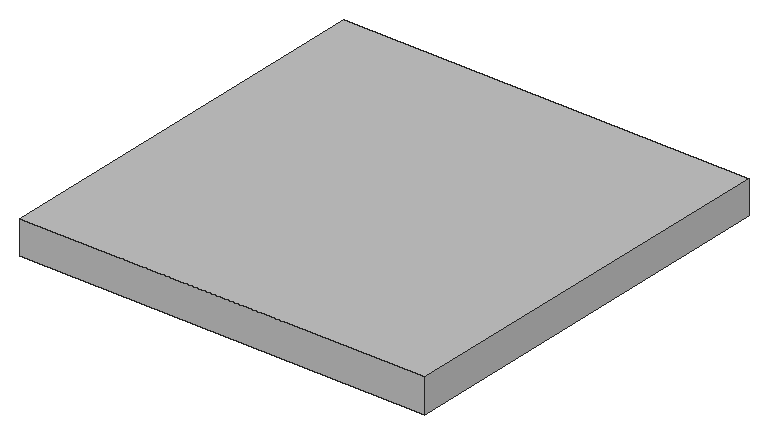
Revit family "Sound_Silencer_222", category Generic Models, host Face, Revit 2026
Family settings
  Host = Face
  Can host rebar = No
  Round Connector Dimension = Use Diameter
  Part Type = Normal
  Classification Number = 23.35.70.11.14.11
  Cut with Voids When Loaded = No
  Maintain Annotation Orientation = No
  Shared = No
  Room Calculation Point = No
Parameters (values of type "Sound Silencer")
  Warranty Duration (Years) = 0
  URL = "www.acousticalsurfaces.com"
  Type Comments = "Porous Expanded Polypropylene "
  Test Data = ""
  Specification = ""
  Send Message = ""
  Sales Information = ""
  Revision = ""
  Product Properties = ""
  Product Data = ""
  Porous Expanded Polypropyene = PEPP Panel White
  Model = "Sound Silencer"
  Manufacturer Website = ""
  Manufacturer Phone - Toll Free = ""
  Manufacturer Phone = ""
  Manufacturer Fax = ""
  Manufacturer Address = ""
  Manufacturer = "Acoustical Surfaces Inc."
  Maintenance Schedule (Months) = 0
  Keynote = "09800"
  Installation-Fabrication = ""
  Installation Phase = ""
  Green Building-LEED = ""
  Expected Lifespan (Years) = 0
  Drawn By = ""
  Description = "Acoustical Panel"
  Default Elevation = 4' - 0"
  Dba Acoustical Panel = PEPP Panel
  Copyright = ""
  Construction Details = ""
  Assembly Code = "F1030100"
Types (2): name | URL | Type Comments | Model | Description
  DBA Acoustical Panel | 0' - 0" | "" | 0' - 0" | 0' - 0"
  Sound Silencer | "www.acousticalsurfaces.com" | "Porous Expanded Polypropylene " | "Sound Silencer" | "Acoustical Panel"
Reference planes (in)
  plane 1 "Center (Front/Back)": y = 0
  plane 2: z = 0
  plane 3 "Center (Left/Right)": x = 0
Forms (in)
  Extrusion 1, solid, material "PEPP Panel White"
    sketch origin (0, 0, 0) x (1, 0, 0) y (0, 1, 0)
      loop
        line (-12, 12) -> (-12, -12) -> (12, -12) -> (12, 12) -> (-12, 12)
    from 0 to 2
Dimensions and locks (in)
  aligned and locked: plane 2 to host face
  aligned and locked: level to host face
